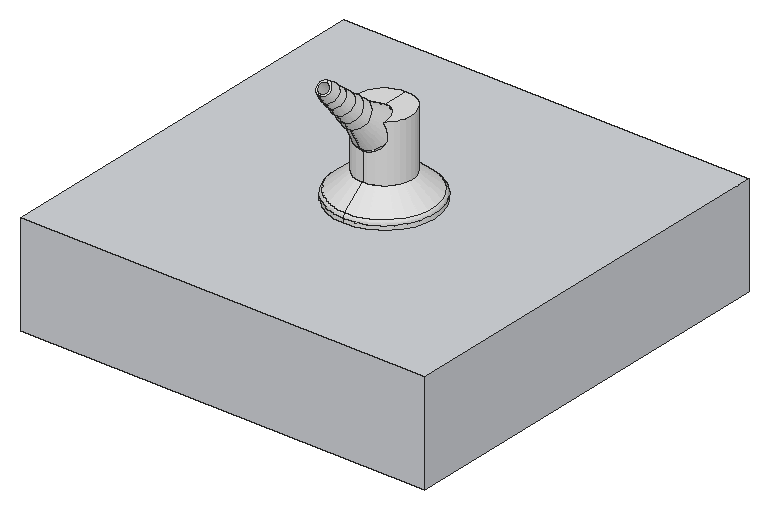
Revit family
Parameters (values of type "TG32T45E")
  WELSRating_ANZRS = ""
  URL = "www.galvinengineering.com.au"
  Type Comments = "TG32T"
  StyleOrType_ANZRS = "Dry Gas Tapware"
  Seating = ""
  PlumbingMaterial_ANZRS = Metal_Taps_DR-Brass-Poxy-Coat_10800
  Outlet = ""
  ModifiedIssue_ANZRS = 20120103.01  # constant formula
  Model = "TG32T45E"
  Manufacturer = "Galvin Engineering"
  Keynote = "15400"
  Instructions = "http://www.galvinengineering.com.au/Installation_Guides_1.aspx"
  Inlet = ""
  FlowRate = ""
  FilterObject_ANZRS = "TG32T"
  Description = "Laboratory Gas & Dry Services Tapware"
  Default Elevation = 900 mm
  CreatedBy_ANZRS = "Galvin Engineering"
  CreatedByURL_ANZRS = "www.galvinengineering.com.au"
  CreatedByPhoneNo_ANZRS = "61-8-92495900"
  Circulation_ANZRS = yes
  Assembly Code = "D2090100"
Reference planes
  plane 1 "Center (Front/Back)": y = 0
  plane 2 "Face": z = 0
  plane 3 "Center (Left/Right)": x = 0
Forms (mm)
  Extrusion 1, solid
    sketch origin (0, -719.2, 0) x (1, 0, 0) y (0, 1, 0)
      loop
        line (-100, 819.2) -> (-100, 619.2) -> (100, 619.2) -> (100, 819.2) -> (-100, 819.2)
    from 0 to -50
  Revolve 2, solid, material "Metal_Taps_DR-Brass-Poxy-Coat_10800" <- "PlumbingMaterial_ANZRS"
    sketch origin (0, 0, 0) x (0, 1, 0) y (0, 0, 1)
      loop
        line (25.15, 0) -> (25.15, 2)
        arc (25.15, 2) -> (24.904, 3.189) -> (24.208, 4.183) r 3
        line (24.208, 4.183) -> (13.5, 13.13) -> (13.5, 41.241) -> (0, 41.241) -> (0, 0) -> (25.15, 0)
      axis (0, 0) -> (0, 41.241)
    angle from 0 to 360
  Revolve 3, solid, material "Metal_Taps_DR-Brass-Poxy-Coat_10800" <- "PlumbingMaterial_ANZRS"
    sketch origin (0, 0, 0) x (0, 1, 0) y (0, 0, 1)
      loop
        line (-13.45, 49.777) -> (-12.893, 50.333) -> (-18.128, 53.584) -> (-17.572, 54.14) -> (-22.981, 57.499) -> (-22.415, 58.065) -> (-27.831, 61.418) -> (-27.274, 61.974) -> (-31.514, 64.511) -> (-30.958, 65.067) -> (-34.76, 67.499) -> (-35.467, 66.792) -> (-0.611, 38.567) -> (1.281, 40.459) -> (-0.376, 42.118) -> (-13.45, 49.777)
      axis (-37.259, 65) -> (-5.719, 33.46)
    angle from 0 to 360
Cuts and joins
  joined: Revolve 2, Revolve 3
Lines and regions (mm)
  symbolic lines, style "Taps/Mixers"
    curve 1: arc (0, 24.208, 4.183) -> (0, 24.904, 3.189) -> (0, 25.15, 2) r 3
    curve 2: arc (0, -25.15, 2) -> (0, -24.858, 3.241) -> (0, -24.078, 4.249) r 3
    curve 3: line (0, -25.15, 2) -> (0, -25.15, 0)
    curve 4: line (0, -25.15, 0) -> (0, 25.15, 0)
    curve 5: line (0, 25.15, 0) -> (0, 25.15, 2)
    curve 6: line (0, 25.15, 2) -> (0, -25.15, 2)
    curve 7: line (0, -13.253, 49.974) -> (0, -0.376, 42.118)
    curve 8: line (0, -0.376, 42.118) -> (0, 0.5, 41.241)
    curve 9: line (0, 0.5, 41.241) -> (0, 13.5, 41.241)
    curve 10: line (0, 13.5, 41.241) -> (0, 13.5, 13.13)
    curve 11: line (0, 13.5, 13.13) -> (0, 24.208, 4.183)
    curve 12: line (0, -22.233, 40.994) -> (0, -14.377, 28.117)
    curve 13: line (0, -14.377, 28.117) -> (0, -13.5, 27.24)
    curve 14: line (0, -13.5, 27.24) -> (0, 0.5, 41.241)
    curve 15: line (0, -13.5, 27.241) -> (0, -13.494, 13.13)
    curve 16: line (0, -13.494, 13.13) -> (0, -24.078, 4.249)
    curve 17: line (0, 13.5, 13.13) -> (0, -13.494, 13.13)
    curve 18: line (0, -0.376, 42.118) -> (0, -14.377, 28.117)
    curve 19: line (0, -30.958, 65.067) -> (0, -34.76, 67.499)
    curve 20: line (0, -34.76, 67.499) -> (0, -39.759, 62.501)
    curve 21: line (0, -39.759, 62.501) -> (0, -37.379, 58.781)
    curve 22: line (0, -37.379, 58.781) -> (0, -30.958, 65.067)
    curve 23: line (0, -26.06, 45.652) -> (0, -22.593, 40.634)
    curve 24: line (0, -22.593, 40.634) -> (0, -12.893, 50.333)
    curve 25: line (0, -12.893, 50.333) -> (0, -17.911, 53.801)
    curve 26: line (0, -22.756, 57.724) -> (0, -17.572, 54.14)
    curve 27: line (0, -17.572, 54.14) -> (0, -26.415, 45.297)
    curve 28: line (0, -26.415, 45.297) -> (0, -29.982, 50.499)
    curve 29: line (0, -33.871, 55.377) -> (0, -30.322, 50.158)
    curve 30: line (0, -30.322, 50.158) -> (0, -22.415, 58.065)
    curve 31: line (0, -22.415, 58.065) -> (0, -27.637, 61.612)
    curve 32: line (0, -37.034, 59.119) -> (0, -34.213, 55.036)
    curve 33: line (0, -34.213, 55.036) -> (0, -27.274, 61.974)
    curve 34: line (0, -27.274, 61.974) -> (0, -31.309, 64.723)
    curve 35: arc (24.208, 0, 4.183) -> (24.904, 0, 3.189) -> (25.15, 0, 2) r 3
    curve 36: arc (-25.15, 0, 2) -> (-24.858, 0, 3.241) -> (-24.078, 0, 4.249) r 3
    curve 37: line (-25.15, 0, 2) -> (-25.15, 0, 0)
    curve 38: line (-25.15, 0, 0) -> (25.15, 0, 0)
    curve 39: line (25.15, 0, 0) -> (25.15, 0, 2)
    curve 40: line (25.15, 0, 2) -> (-25.15, 0, 2)
    curve 41: line (-13.506, 0, 41.241) -> (13.5, 0, 41.241)
    curve 42: line (13.5, 0, 41.241) -> (13.5, 0, 13.13)
    curve 43: line (13.5, 0, 13.13) -> (24.208, 0, 4.183)
    curve 44: line (-13.506, 0, 41.241) -> (-13.494, 0, 13.13)
    curve 45: line (-13.494, 0, 13.13) -> (-24.078, 0, 4.249)
    curve 46: line (13.5, 0, 13.13) -> (-13.494, 0, 13.13)
    curve 47: arc (-4.706, 0, 41.241) -> (0, 0, 42.131) -> (4.706, 0, 41.241) r 12.882
    curve 48: line (-7.916, 0, 41.241) -> (-5.861, 0, 46.595)
    curve 49: line (-6.616, 0, 46.874) -> (-5.328, 0, 50.612)
    curve 50: line (-6.045, 0, 50.886) -> (-4.477, 0, 55.194)
    curve 51: line (-5.407, 0, 55.159) -> (-3.985, 0, 59.289)
    curve 52: line (-4.755, 0, 59.366) -> (-3.606, 0, 62.524)
    curve 53: line (-4.388, 0, 62.607) -> (-3.443, 0, 65.516)
    curve 54: line (7.916, 0, 41.241) -> (5.861, 0, 46.595)
    curve 55: line (6.616, 0, 46.874) -> (5.328, 0, 50.612)
    curve 56: line (6.045, 0, 50.886) -> (4.477, 0, 55.194)
    curve 57: line (5.407, 0, 55.159) -> (3.985, 0, 59.289)
    curve 58: line (4.755, 0, 59.366) -> (3.606, 0, 62.524)
    curve 59: line (4.388, 0, 62.607) -> (3.443, 0, 65.516)
    curve 60: arc (-5.861, 0, 46.595) -> (0, 0, 49.777) -> (5.861, 0, 46.595) r 6.988
    curve 61: arc (-6.616, 0, 46.874) -> (0, 0, 50.376) -> (6.616, 0, 46.874) r 8
    curve 62: arc (-6.616, 0, 46.874) -> (-6.337, 0, 46.497) -> (-6.037, 0, 46.137) r 8.055
    curve 63: arc (6.037, 0, 46.137) -> (6.337, 0, 46.497) -> (6.616, 0, 46.874) r 8.055
    curve 64: arc (-6.019, 0, 50.859) -> (0, 0, 53.317) -> (6.019, 0, 50.859) r 8.6
    curve 65: line (-6.019, 0, 50.859) -> (-5.445, 0, 50.273)
    curve 66: line (6.045, 0, 50.886) -> (5.445, 0, 50.273)
    curve 67: arc (-5.328, 0, 50.612) -> (0, 0, 52.834) -> (5.328, 0, 50.612) r 7.5
    curve 68: arc (-5.407, 0, 55.159) -> (0, 0, 57.462) -> (5.407, 0, 55.159) r 7.5
    curve 69: line (-5.407, 0, 55.159) -> (-4.734, 0, 54.486)
    curve 70: line (5.407, 0, 55.159) -> (4.734, 0, 54.486)
    curve 71: arc (-4.477, 0, 55.194) -> (0, 0, 56.813) -> (4.477, 0, 55.194) r 7
    curve 72: arc (-4.755, 0, 59.366) -> (0, 0, 61.097) -> (4.755, 0, 59.366) r 7.397
    curve 73: line (-4.755, 0, 59.366) -> (-4.162, 0, 58.774)
    curve 74: line (4.755, 0, 59.366) -> (4.162, 0, 58.774)
    curve 75: arc (-3.985, 0, 59.289) -> (0, 0, 60.534) -> (3.985, 0, 59.289) r 7
    curve 76: arc (-3.606, 0, 62.524) -> (0, 0, 63.663) -> (3.606, 0, 62.524) r 6.277
    curve 77: line (-4.388, 0, 62.607) -> (-3.741, 0, 62.153)
    curve 78: line (4.388, 0, 62.607) -> (3.741, 0, 62.153)
    curve 79: arc (-4.388, 0, 62.607) -> (0, 0, 64.324) -> (4.388, 0, 62.607) r 6.466
    curve 80: arc (-3.443, 0, 65.516) -> (0, 0, 66.353) -> (3.443, 0, 65.516) r 7.5
    curve 81: spline (-3.436, -37.326, 0) -> (-3.318, -36.774, 0) -> (-2.975, -36.259, 0) -> (-2.429, -35.816, 0) -> (-1.718, -35.477, 0) -> (-0.889, -35.264, 0) -> (0, -35.191, 0) -> (0.889, -35.264, 0) -> (1.718, -35.477, 0) -> (2.429, -35.816, 0) -> (2.975, -36.259, 0) -> (3.318, -36.774, 0) -> (3.436, -37.326, 0) -> (3.318, -37.879, 0) -> (2.975, -38.394, 0) -> (2.429, -38.836, 0) -> (1.718, -39.176, 0) -> (0.889, -39.389, 0) -> (0, -39.462, 0) -> (-0.889, -39.389, 0) -> (-1.718, -39.176, 0) -> (-2.429, -38.836, 0) -> (-2.975, -38.394, 0) -> (-3.318, -37.879, 0) -> (-3.436, -37.326, 0)
    curve 82: line (-3.436, -37.326, 0) -> (-4.313, -34.917, 0)
    curve 83: line (-3.716, -34.338, 0) -> (-4.753, -31.489, 0)
    curve 84: line (-4.123, -30.882, 0) -> (-5.205, -27.91, 0)
    curve 85: line (-4.519, -27.334, 0) -> (-5.832, -23.726, 0)
    curve 86: line (-5.125, -23.054, 0) -> (-6.345, -19.701, 0)
    curve 87: line (-5.715, -19.042, 0) -> (-7.823, -10.347, 0)
    curve 88: line (3.436, -37.326, 0) -> (4.313, -34.917, 0)
    curve 89: line (3.716, -34.338, 0) -> (4.753, -31.489, 0)
    curve 90: line (4.123, -30.882, 0) -> (5.205, -27.91, 0)
    curve 91: line (4.519, -27.334, 0) -> (5.832, -23.726, 0)
    curve 92: line (5.125, -23.054, 0) -> (6.345, -19.701, 0)
    curve 93: line (5.715, -19.042, 0) -> (7.823, -10.347, 0)
    curve 94: arc (-4.313, -34.917, 0) -> (0, -32.986, 0) -> (4.313, -34.917, 0) r 5.781
    curve 95: arc (-4.753, -31.489, 0) -> (0, -29.382, 0) -> (4.753, -31.489, 0) r 6.414
    curve 96: arc (-5.205, -27.91, 0) -> (0, -25.837, 0) -> (5.205, -27.91, 0) r 7.57
    curve 97: arc (-5.832, -23.726, 0) -> (0, -21.189, 0) -> (5.832, -23.726, 0) r 7.973
    curve 98: arc (-6.345, -19.701, 0) -> (0, -16.786, 0) -> (6.345, -19.701, 0) r 8.365
    curve 99: arc (5.599, -24.365, 0) -> (0, 25, 0) -> (-5.599, -24.365, 0) r 25
    curve 100: arc (-7.815, -10.353, 0) -> (0, 0, 0) -> (7.815, -10.353, 0) r 8.126
    curve 101: arc (7.823, -10.347, 0) -> (-0.005, 12.971, 0) -> (-7.815, -10.353, 0) r 12.971
Dimensions and locks
  aligned and locked: plane 2 "Face" to Extrusion 1
  aligned and locked: level to Extrusion 1
Connectors
  piping at (0, 0, 0)
    settings: on Extrusion 1, index 1, connector radius 0.29528", flow factor 0, pipe flow 0.00 L/s, pressure drop 0.00 psi, fitting loss kfactor 0, connector angle 0.00°, fixture units 0, flow configuration 1, flow direction 1, fitting loss method 0, system type 22, connector reference index -1, connector utility 0, adjustable connector no, is connector primary yes, fitting loss table "", connector description "Gas"
